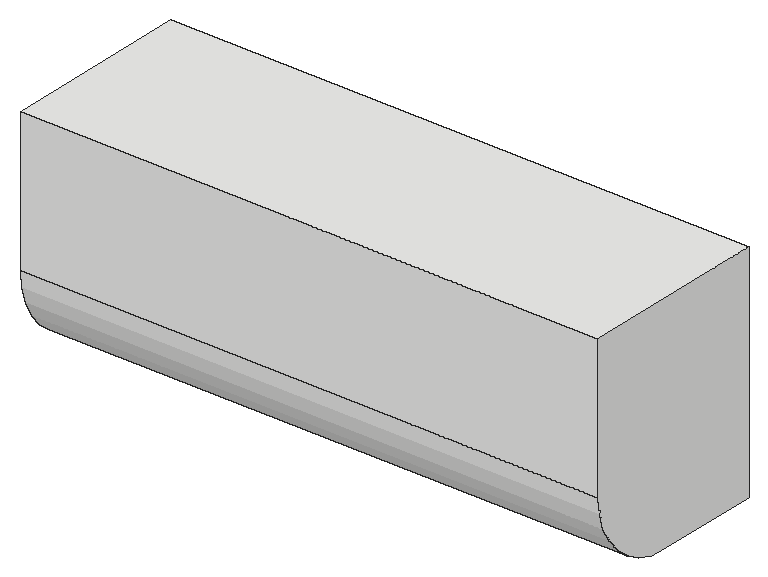
Revit family "EQM-EVAPORADORA-SPLIT-P9000_36000BTU", category Equipamento mecânico, Revit 2025
Family settings
  Cota do conector redondo = Utilizar diâmetro
  Classificação = Nenhum
  Tipo de parte = Normal
  Com base no plano de trabalho = Não
  Sempre na vertical = Sim
  Corte com vazios quando carregada = Não
  Manter orientação da anotação = Não
  Compartilhado = Não
  Ponto de cálculo do ambiente = Não
Parameters
  Raio da pá = (Largura + Altura) / 5  # 110 mm
  Material evaporadora = MAT-ABS-BRANCO
  Largura = 250 mm
  Elevação padrão = 0 mm
  Diâmetro conector duto = 75 mm
  Comprimento = 770 mm
  Altura = 300 mm
Reference planes
  plane 1 "Center (Front/Back)": y = 0
  plane 2: z = 0
  plane 3 "Center (Left/Right)": x = 0
  plane 4: x = -385
  plane 5: x = 385
  plane 6: y = -250
  plane 7: z = 300
Forms (mm)
  Extrusion 1, solid, material "MAT-ABS-BRANCO" <- "Material evaporadora"
    sketch origin (0, 0, 0) x (0, 1, 0) y (0, 0, 1)
      loop
        line (0, 0) -> (0, 300) -> (-250, 300) -> (-250, 110)
        arc (-250, 110) -> (-217.782, 32.218) -> (-140, 0) r 110
        line (-140, 0) -> (0, 0)
    from -385 to 385
Dimensions and locks
  equal spacing: plane 4, plane 3 "Center (Left/Right)", plane 5
  "Comprimento": plane 4 to plane 5
  "Largura": plane 6 to plane 1 "Center (Front/Back)"
  "Altura": plane 7 to level
  "Largura": plane 1 "Center (Front/Back)" to plane 6
  "Raio da pá": radius of Extrusion 1 sketch curve
  aligned and locked: level to plane 2
  aligned and locked: Extrusion 1 to plane 4
  aligned and locked: Extrusion 1 to plane 5
  aligned and locked: Extrusion 1 to plane 1 "Center (Front/Back)"
  aligned and locked: Extrusion 1 to plane 6
  aligned and locked: plane 7 to Extrusion 1
  aligned and locked: plane 1 "Center (Front/Back)" to nested 1
  aligned and locked: nested 1 to level
Automatic sketch dimensions
  Extrusion 1 sketch curve to plane 6 = 0 mm
  Extrusion 1 sketch curve to plane 1 "Center (Front/Back)" = 0 mm
  Extrusion 1 sketch curve to level = 0 mm
  Extrusion 1 sketch curve to plane 7 = 0 mm
Nested families
  nested 1: "PHS-CAIXA_PASSAGEM-SPLIT-9000_36000BTU" at (0, 50, 0), type "PHS-CAIXA_PASSAGEM-SPLIT-9000_36000BTU"
    with Diâmetro conector duto 75 mm
Connectors
  hvac at (150, 50, 100), driven by "Diâmetro conector duto"
    settings: on nested 1, index 1, duct flow 0.0 L/s, flow factor 0, pres drop 0.0 Pa, loss coef 0, conn angle 0.00°, conn width 304.8 mm, conn height 304.8 mm, conn diameter 75 mm, duct sys type 1, conn prof type 0, flow config 0, flow direction 0, loss method 0, conn ref index -1, conn util no, is conn primary yes, conn desc ""
  hvac at (-150, 50, 100), driven by "Diâmetro conector duto"
    settings: on nested 1, index 2, duct flow 0.0 L/s, flow factor 0, pres drop 0.0 Pa, loss coef 0, conn angle 0.00°, conn width 304.8 mm, conn height 304.8 mm, conn diameter 75 mm, duct sys type 1, conn prof type 0, flow config 0, flow direction 0, loss method 0, conn ref index -1, conn util no, is conn primary no, conn desc ""
Definition of nested family "PHS-CAIXA_PASSAGEM-SPLIT-9000_36000BTU"
  Parameters (values of type "PHS-CAIXA_PASSAGEM-SPLIT-9000_36000BTU")
    Material caixa de passagem = none
    Largura = 100 mm
    Default Elevation = 0 mm
    Diâmetro conector duto [instance] = 75 mm
    Comprimento = 300 mm
    Altura = 200 mm
  Reference planes
    plane 1 "Center (Front/Back)": y = 0
    plane 2: z = 0
    plane 3 "Center (Left/Right)": x = 0
    plane 4: x = -150
    plane 5: x = 150
    plane 6: y = 50
    plane 7: y = -50
    plane 8: z = 200
  Forms (mm)
    Extrusion 1, solid, material <- "Material caixa de passagem"
      sketch origin (0, 0, 0) x (1, 0, 0) y (0, 1, 0)
        loop
          line (-150, 50) -> (-150, -50) -> (150, -50) -> (150, 50) -> (-150, 50)
      from 0 to 200
  Dimensions and locks
    equal spacing: plane 4, plane 3 "Center (Left/Right)", plane 5
    "Comprimento": plane 4 to plane 5
    equal spacing: plane 6, plane 1 "Center (Front/Back)", plane 7
    "Largura": plane 6 to plane 7
    "Altura": plane 8 to level
    aligned and locked: level to plane 2
    aligned and locked: Extrusion 1 to plane 4
    aligned and locked: Extrusion 1 to plane 7
    aligned and locked: plane 6 to Extrusion 1
    aligned and locked: plane 8 to Extrusion 1
    aligned and locked: Extrusion 1 to plane 8
  Automatic sketch dimensions
    plane 1 "Center (Front/Back)" to Extrusion 1 sketch curve = 50 mm
    plane 4 to Extrusion 1 sketch curve = 0 mm
    plane 5 to Extrusion 1 sketch curve = 0 mm
    Extrusion 1 sketch curve to plane 1 "Center (Front/Back)" = 50 mm
  Connectors
    hvac at (150, 0, 100), driven by "Diâmetro conector duto"
      settings: on Extrusion 1, index 1, duct flow 0.0 L/s, flow factor 0, pres drop 0.0 Pa, loss coef 0, conn angle 0.00°, conn width 304.8 mm, conn height 304.8 mm, conn diameter 75 mm, duct sys type 1, conn prof type 0, flow config 0, flow direction 0, loss method 0, conn ref index -1, conn util no, is conn primary yes, conn desc ""
    hvac at (-150, 0, 100), driven by "Diâmetro conector duto"
      settings: on Extrusion 1, index 2, duct flow 0.0 L/s, flow factor 0, pres drop 0.0 Pa, loss coef 0, conn angle 0.00°, conn width 304.8 mm, conn height 304.8 mm, conn diameter 75 mm, duct sys type 1, conn prof type 0, flow config 0, flow direction 0, loss method 0, conn ref index -1, conn util no, is conn primary no, conn desc ""
